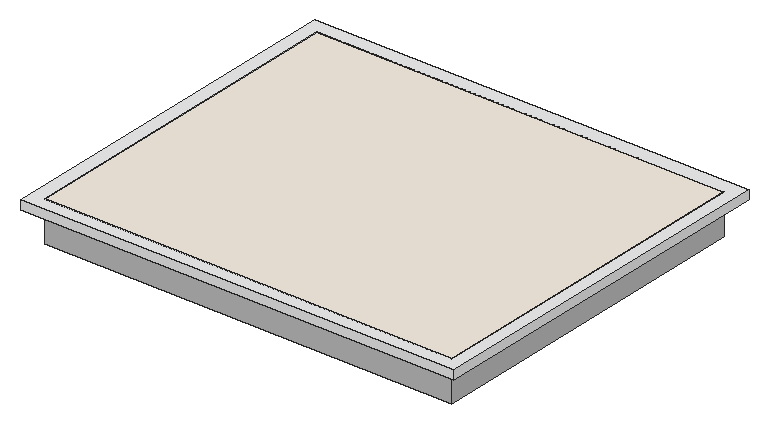
Revit family "Lighting-Industrial-GEWISS-ELIA-HL-LED_HIGHBAY", category Apparecchi per illuminazione, host Superficie, Revit 2019 (continued)
Types (12, lengths in mm): name | Weight (kg): | Weight (kg) | Voltage | Technical sheet | System power | Optic | built-in parameter 1150142 | Lumen output (lm) | Model | IDT | File diagramma fotometrico | Description
    13540.11 13494.38 \r\n13445.96 13390.82 13332.98 13269.77 13201.17 13127.20 \r\n13046.50 12959.07 12864.92 12761.36 12651.07 12531.36 \r\n12402.24 12263.71 12114.41 11957.05 11790.27 11615.42 \r\n11428.46 11232.09 11023.62 10801.69 10562.28 10298.66 \r\n10021.59 9747.21 9471.49 9193.07 8917.35 8647.00 8382.04 \r\n8118.42 7862.87 7616.73 7381.36 7156.74 6938.85 6727.69 \r\n6520.56 6317.46 6119.75 5935.48 5757.94 5585.78 5416.31 \r\n5246.85 5077.38 4917.32 4761.30 4609.31 4461.36 4316.10 \r\n4177.57 4040.38 3909.91 3783.49 3659.74 3537.35 3414.95 \r\n3295.25 3178.24 3057.18 2937.48 2823.15 2711.52 2602.31 \r\n2494.97 2388.99 2286.37 2188.72 2096.72 2011.85 1932.50 \r\n1858.79 1788.98 1722.27 1657.85 1595.04 1533.03 1469.55 \r\n1406.60 1345.40 1285.42 1226.24 1168.40 1112.58 1059.05 \r\n1008.88 960.87 913.39 867.39 823.01 781.31 744.59 710.03 \r\n675.86 642.24 607.00 572.30 540.82 510.29 480.03 450.98 \r\n423.54 397.72 374.58 353.33 333.16 313.38 292.40 271.42 \r\n250.95 231.00 211.57 192.95 175.58 159.14 143.54 128.62 \r\n114.16 100.22 86.62 73.72 61.79 50.71 40.31 30.83 22.30 \r\n15.17 9.94 6.44 4.68 4.67 \r\n13471.52 13472.86 13474.21 13478.24 13482.28 13487.66 \r\n13494.38 13502.45 13510.52 13519.94 13532.04 13542.80 \r\n13554.91 13568.36 13581.81 13596.60 13611.40 13627.54 \r\n13642.33 13658.47 13674.61 13690.75 13705.55 13721.69 \r\n13736.48 13749.93 13763.38 13774.14 13784.90 13794.32 \r\n13801.04 13806.42 13807.77 13809.11 13807.77 13803.73 \r\n13797.01 13788.94 13775.49 13759.35 13739.17 13714.96 \r\n13689.41 13657.13 13623.50 13585.84 13545.49 13499.76 \r\n13450.00 13397.54 13339.71 13276.49 13207.90 13135.27 \r\n13054.57 12968.49 12874.34 12772.12 12661.83 12543.47 \r\n12415.69 12277.16 12129.21 11973.19 11807.75 11634.25 \r\n11448.64 11252.27 11043.79 10823.21 10583.80 10318.84 \r\n10041.77 9764.70 9487.63 9209.21 8934.83 8665.83 8400.87 \r\n8133.21 7873.63 7626.15 7388.08 7159.43 6940.20 6727.69 \r\n6519.21 6314.77 6118.40 5934.14 5757.94 5585.78 5416.31 \r\n5245.50 5078.72 4917.32 4761.30 4609.31 4462.71 4318.80 \r\n4177.57 4041.72 3909.91 3784.83 3662.43 3538.70 3416.30 \r\n3296.59 3176.89 3057.18 2936.14 2821.81 2711.52 2601.77 \r\n2494.44 2388.05 2284.89 2186.70 2094.16 2008.49 1928.73 \r\n1854.49 1784.55 1717.70 1653.27 1590.46 1528.46 1465.24 \r\n1402.30 1340.96 1280.98 1221.93 1164.23 1108.28 1054.48 \r\n1004.58 956.70 909.62 864.03 819.64 777.81 740.96 706.66 \r\n672.90 639.28 604.17 569.74 538.27 508.14 478.28 449.36 \r\n422.06 396.51 373.24 351.58 331.41 311.64 290.79 269.94 \r\n249.97 230.41 211.15 192.60 175.24 158.82 143.30 128.46 \r\n114.04 100.14 86.60 73.77 61.88 50.77 40.34 30.80 22.28 \r\n15.15 9.93 6.44 4.69 4.67 \r\n13471.52 13472.86 13474.21 13478.24 13482.28 13486.31 \r\n13494.38 13501.11 13510.52 13521.28 13530.70 13541.46 \r\n13554.91 13567.01 13581.81 13595.26 13611.40 13626.19 \r\n13640.99 13657.13 13673.27 13688.06 13705.55 13720.34 \r\n13736.48 13749.93 13762.04 13774.14 13784.90 13792.97 \r\n13801.04 13806.42 13809.11 13809.11 13809.11 13805.08 \r\n13798.35 13788.94 13778.18 13762.04 13741.86 13719.00 \r\n13693.44 13661.16 13627.54 13591.22 13549.53 13505.14 \r\n13456.72 13404.27 13346.43 13284.56 13217.31 13143.34 \r\n13065.33 12977.90 12883.75 12782.88 12672.59 12555.57 \r\n12429.14 12291.95 12144.00 11990.67 11826.58 11653.08 \r\n11468.81 11273.79 11065.31 10846.08 10608.01 10343.05 \r\n10064.63 9786.22 9505.11 9226.70 8952.32 8684.66 8419.70 \r\n8149.35 7885.73 7635.56 7394.81 7163.47 6941.54 6726.34 \r\n6517.87 6313.43 6117.06 5934.14 5757.94 5585.78 5416.31 \r\n5245.50 5078.72 4917.32 4759.95 4609.31 4462.71 4320.14 \r\n4178.91 4041.72 3909.91 3784.83 3661.09 3538.70 3416.30 \r\n3296.59 3178.24 3055.84 2934.79 2820.46 2710.17 2600.15 \r\n2492.96 2386.30 2282.60 2184.01 2090.80 2004.45 1924.02 \r\n1849.51 1779.43 1712.45 1648.03 1585.35 1523.35 1460.27 \r\n1397.45 1336.26 1276.00 1217.22 1159.79 1103.57 1049.64 \r\n999.74 952.13 905.59 860.40 816.01 774.18 737.60 703.30 \r\n669.81 636.32 601.22 566.78 535.58 505.85 476.26 447.75 \r\n420.58 395.16 371.62 349.70 329.52 309.89 289.18 268.68 \r\n249.07 229.87 210.76 192.29 174.96 158.55 143.09 128.33 \r\n113.93 100.03 86.58 73.77 61.91 50.83 40.35 30.77 22.24 \r\n15.13 9.91 6.44 4.69 4.67 \r\n13471.52 13472.86 13475.55 13478.24 13482.28 13487.66 \r\n13493.04 13501.11 13510.52 13519.94 13530.70 13541.46 \r\n13553.56 13567.01 13580.46 13593.91 13610.05 13626.19 \r\n13640.99 13657.13 13673.27 13688.06 13704.20 13719.00 \r\n13733.79 13748.59 13760.69 13772.80 13783.56 13792.97 \r\n13801.04 13805.08 13809.11 13810.46 13810.46 13805.08 \r\n13799.70 13791.63 13780.87 13764.73 13745.90 13723.03 \r\n13696.13 13666.54 13634.26 13595.26 13556.25 13511.87 \r\n13464.79 13412.34 13355.85 13292.63 13225.38 13152.75 \r\n13074.74 12988.66 12894.51 12794.98 12687.38 12570.37 \r\n12443.94 12308.09 12162.83 12008.16 11845.41 11673.25 \r\n11490.33 11295.31 11089.52 10870.29 10633.57 10368.60 \r\n10090.19 9809.08 9526.63 9246.87 8971.15 8704.84 8437.18 \r\n8165.49 7899.18 7644.98 7401.53 7168.85 6944.23 6726.34 \r\n6517.87 6313.43 6118.40 5935.48 5757.94 5585.78 5414.97 \r\n5245.50 5078.72 4915.97 4759.95 4609.31 4462.71 4318.80 \r\n4178.91 4041.72 3908.57 3782.14 3659.74 3537.35 3414.95 \r\n3295.25 3175.54 3053.15 2932.10 2819.12 2707.08 2597.60 \r\n2490.40 2383.61 2279.78 2180.65 2086.77 1999.88 1918.91 \r\n1843.99 1773.79 1706.81 1642.51 1579.97 1518.10 1455.16 \r\n1392.75 1331.28 1271.02 1212.25 1155.09 1098.73 1044.66 \r\n994.90 947.42 901.28 856.63 812.38 770.68 734.10 699.94 \r\n666.45 633.23 598.12 564.09 532.89 503.43 474.25 446.00 \r\n419.10 393.68 370.14 348.09 327.78 308.27 287.83 267.56 \r\n248.26 229.36 210.41 192.01 174.72 158.32 142.91 128.18 \r\n113.80 99.91 86.48 73.76 61.92 50.84 40.32 30.72 22.19 \r\n15.09 9.90 6.44 4.69 4.66 \r\n13471.52 13472.86 13475.55 13478.24 13482.28 13487.66 \r\n13493.04 13501.11 13510.52 13519.94 13529.35 13540.11 \r\n13553.56 13567.01 13580.46 13593.91 13608.71 13624.85 \r\n13640.99 13655.78 13671.92 13686.72 13702.86 13717.65 \r\n13733.79 13748.59 13760.69 13772.80 13783.56 13794.32 \r\n13801.04 13806.42 13810.46 13811.80 13811.80 13809.11 \r\n13803.73 13794.32 13782.21 13768.76 13749.93 13728.41 \r\n13701.51 13671.92 13639.64 13603.33 13562.98 13519.94 \r\n13472.86 13421.75 13363.92 13303.39 13237.49 13166.20 \r\n13088.19 13002.11 12909.31 12811.12 12703.52 12587.85 \r\n12462.77 12326.92 12181.66 12029.68 11868.28 11696.12 \r\n11513.20 11319.52 11115.08 10897.19 10661.81 10399.54 \r\n10121.12 9837.33 9553.53 9271.08 8994.01 8722.32 8451.98 \r\n8178.94 7911.29 7657.08 7412.29 7176.92 6949.61 6733.07 \r\n6521.90 6318.81 6123.78 5939.52 5759.29 5584.44 5412.28 \r\n5242.81 5076.03 4913.28 4754.57 4605.28 4457.33 4313.41 \r\n4173.53 4035.00 3901.85 3775.41 3651.67 3527.93 3406.88 \r\n3285.84 3167.47 3046.42 2925.38 2811.05 2700.22 2591.81 \r\n2485.29 2379.57 2276.41 2176.88 2082.33 1994.90 1913.67 \r\n1838.75 1768.67 1701.96 1637.94 1575.94 1514.47 1451.79 \r\n1389.52 1328.32 1268.47 1209.56 1152.13 1095.91 1042.24 \r\n992.21 944.59 898.46 854.07 810.09 768.67 731.95 697.52 \r\n664.03 630.67 595.83 562.08 531.14 501.68 472.50 444.66 \r\n417.89 392.47 369.07 347.01 326.97 307.33 287.43 267.45 \r\n248.10 229.08 210.14 191.82 174.61 158.29 142.85 128.06 \r\n113.63 99.69 86.25 73.52 61.68 50.59 40.12 30.59 22.07 \r\n14.99 9.86 6.45 4.71 4.65 \r\n13471.52 13472.86 13475.55 13478.24 13482.28 13487.66 \r\n13493.04 13501.11 13509.18 13519.94 13529.35 13540.11 \r\n13553.56 13565.67 13579.12 13592.57 13608.71 13623.50 \r\n13639.64 13655.78 13671.92 13686.72 13701.51 13717.65 \r\n13732.45 13747.24 13760.69 13771.45 13782.21 13792.97 \r\n13801.04 13807.77 13811.80 13814.49 13813.15 13810.46 \r\n13805.08 13797.01 13786.25 13772.80 13753.97 13732.45 \r\n13706.89 13678.65 13646.37 13610.05 13571.05 13528.01 \r\n13480.93 13429.82 13374.68 13314.15 13248.25 13178.31 \r\n13100.30 13016.91 12925.45 12827.26 12721.01 12605.34 \r\n12481.60 12347.10 12204.53 12051.20 11889.80 11717.64 \r\n11537.41 11343.73 11140.63 10925.43 10692.75 10431.82 \r\n10154.75 9869.61 9581.78 9297.98 9015.53 8739.81 8466.77 \r\n8192.39 7924.74 7670.53 7423.05 7184.99 6956.34 6738.45 \r\n6528.63 6325.53 6130.51 5943.55 5761.98 5584.44 5409.59 \r\n5240.12 5071.99 4909.25 4751.89 4599.90 4451.95 4306.69 \r\n4165.46 4028.27 3895.12 3766.00 3642.26 3518.52 3397.47 \r\n3276.42 3158.06 3038.36 2918.65 2802.98 2693.50 2584.96 \r\n2479.24 2374.73 2272.38 2172.58 2077.49 1989.79 1908.29 \r\n1833.50 1763.43 1697.12 1633.50 1571.77 1510.70 1448.30 \r\n1386.29 1325.63 1266.05 1206.87 1149.17 1093.48 1040.09 \r\n989.79 941.77 895.77 851.52 808.08 766.92 729.93 695.23 \r\n661.47 628.12 593.68 560.06 529.26 499.94 471.02 443.18 \r\n416.68 391.53 368.13 346.20 326.03 306.66 287.02 267.51 \r\n248.03 228.81 209.89 191.64 174.53 158.27 142.79 127.92 \r\n113.44 99.46 86.00 73.22 61.37 50.30 39.89 30.41 21.94 \r\n14.89 9.82 6.46 4.72 4.65 \r\n13471.52 13472.86 13475.55 13478.24 13482.28 13487.66 \r\n13493.04 13501.11 13509.18 13518.59 13529.35 13540.11 \r\n13552.22 13565.67 13579.12 13592.57 13607.36 13623.50 \r\n13639.64 13654.44 13670.58 13685.37 13701.51 13716.31 \r\n13731.10 13745.90 13759.35 13771.45 13782.21 13792.97 \r\n13801.04 13807.77 13814.49 13815.84 13815.84 13813.15 \r\n13809.11 13801.04 13790.28 13774.14 13758.00 13736.48 \r\n13710.93 13684.03 13653.09 13618.12 13579.12 13536.08 \r\n13491.69 13440.58 13385.44 13326.26 13261.70 13191.76 \r\n13113.75 13031.70 12941.59 12844.75 12738.49 12625.51 \r\n12501.77 12368.62 12226.05 12075.41 11914.01 11741.85 \r\n11560.27 11370.63 11168.88 10955.02 10722.34 10465.44 \r\n10189.72 9903.23 9611.37 9324.88 9039.74 8758.64 8480.22 \r\n8207.19 7939.53 7683.98 7436.50 7195.75 6963.06 6745.17 \r\n6536.70 6333.60 6137.23 5948.93 5763.32 5584.44 5408.24 \r\n5236.09 5069.30 4905.21 4746.50 4593.18 4445.22 4299.96 \r\n4158.74 4021.55 3887.05 3756.59 3631.50 3507.76 3385.36 \r\n3267.01 3148.64 3027.59 2910.58 2796.26 2685.29 2577.83 \r\n2472.78 2369.35 2267.94 2168.01 2072.38 1984.41 1902.77 \r\n1827.99 1758.18 1692.14 1628.93 1567.60 1507.07 1444.93 \r\n1383.06 1322.94 1263.63 1204.31 1146.48 1090.93 1037.94 \r\n987.36 939.21 893.21 849.10 806.06 765.30 728.18 693.21 \r\n659.18 625.69 591.53 558.31 527.64 498.32 469.54 441.70 \r\n415.34 390.45 367.19 345.40 325.22 306.12 286.89 267.64 \r\n248.02 228.56 209.65 191.49 174.47 158.28 142.73 127.77 \r\n113.22 99.21 85.72 72.91 61.05 49.98 39.65 30.25 21.80 \r\n14.79 9.78 6.47 4.75 4.64 \r\n13471.52 13472.86 13475.55 13478.24 13482.28 13487.66 \r\n13493.04 13501.11 13509.18 13518.59 13529.35 13540.11 \r\n13552.22 13565.67 13579.12 13592.57 13606.02 13623.50 \r\n13638.30 13654.44 13670.58 13685.37 13700.17 13716.31 \r\n13731.10 13744.55 13759.35 13770.11 13782.21 13792.97 \r\n13801.04 13809.11 13814.49 13818.53 13818.53 13815.84 \r\n13810.46 13802.39 13791.63 13778.18 13762.04 13741.86 \r\n13717.65 13690.75 13658.47 13624.85 13587.19 13545.49 \r\n13499.76 13451.34 13396.20 13337.02 13273.80 13203.86 \r\n13128.54 13046.50 12957.73 12860.89 12757.32 12644.34 \r\n12521.95 12391.48 12248.91 12099.62 11938.22 11767.40 \r\n11587.17 11396.18 11194.43 10983.27 10754.62 10499.07 \r\n10224.69 9936.86 9642.30 9353.13 9065.30 8777.47 8497.71 \r\n8221.98 7954.33 7697.43 7447.26 7205.16 6971.13 6753.24 \r\n6543.42 6341.67 6146.65 5954.31 5766.01 5583.10 5405.55 \r\n5233.40 5065.27 4901.18 4741.13 4587.80 4438.50 4291.90 \r\n4150.67 4013.48 3878.98 3748.51 3620.74 3495.65 3374.61 \r\n3256.24 3137.88 3019.52 2901.16 2788.18 2677.22 2570.29 \r\n2465.92 2363.70 2263.10 2163.03 2067.13 1979.03 1897.39 \r\n1822.61 1752.94 1687.17 1624.49 1563.56 1503.44 1441.57 \r\n1379.84 1320.25 1261.21 1201.76 1143.52 1088.51 1035.92 \r\n985.21 936.66 890.66 846.54 804.04 763.83 726.57 691.20 \r\n656.90 623.41 589.51 556.70 526.03 496.84 468.06 440.22 \r\n414.13 389.51 366.38 344.72 324.68 305.58 286.75 267.83 \r\n247.99 228.26 209.39 191.31 174.42 158.28 142.68 127.63 \r\n113.02 98.95 85.42 72.59 60.70 49.66 39.38 30.07 21.67 \r\n14.70 9.75 6.49 4.77 4.63 \r\n13471.52 13472.86 13475.55 13478.24 13482.28 13487.66 \r\n13493.04 13501.11 13509.18 13518.59 13529.35 13540.11 \r\n13552.22 13565.67 13579.12 13592.57 13606.02 13620.81 \r\n13638.30 13654.44 13669.23 13685.37 13700.17 13714.96 \r\n13729.76 13744.55 13758.00 13770.11 13782.21 13792.97 \r\n13801.04 13810.46 13815.84 13819.87 13819.87 13818.53 \r\n13813.15 13806.42 13795.66 13782.21 13764.73 13745.90 \r\n13723.03 13696.13 13665.20 13632.92 13595.26 13553.56 \r\n13510.52 13459.41 13406.96 13350.47 13285.91 13217.31 \r\n13141.99 13062.64 12975.21 12879.72 12776.15 12664.52 \r\n12542.12 12413.00 12271.78 12122.48 11962.43 11791.61 \r\n11611.38 11423.08 11224.02 11012.86 10785.55 10532.69 \r\n10261.00 9971.83 9674.58 9381.37 9089.51 8798.99 8512.50 \r\n8236.78 7969.12 7710.88 7460.71 7214.58 6979.20 6761.31 \r\n6552.84 6349.74 6153.38 5958.35 5768.70 5583.10 5404.21 \r\n5230.70 5061.23 4897.15 4735.74 4581.07 4430.43 4283.82 \r\n4141.25 4005.41 3870.91 3737.75 3608.63 3484.89 3363.84 \r\n3244.14 3128.47 3010.11 2893.09 2780.11 2669.56 2562.76 \r\n2458.93 2357.65 2257.99 2157.92 2062.02 1973.79 1892.01 \r\n1817.36 1747.96 1682.46 1619.92 1559.53 1499.67 1438.07 \r\n1376.74 1317.29 1258.65 1198.93 1140.56 1086.09 1034.04 \r\n983.06 934.24 888.10 844.26 802.29 762.35 725.09 689.31 \r\n654.75 621.26 587.63 555.22 524.82 495.50 466.72 439.01 \r\n413.05 388.57 365.57 344.05 324.01 305.05 286.62 267.95 \r\n247.92 227.94 209.09 191.14 174.33 158.25 142.58 127.44 \r\n112.79 98.68 85.11 72.27 60.35 49.33 39.14 29.91 21.56 \r\n14.61 9.73 6.52 4.80 4.63 \r\n13471.52 13472.86 13475.55 13478.24 13482.28 13487.66 \r\n13493.04 13501.11 13509.18 13518.59 13528.01 13538.77 \r\n13552.22 13564.32 13577.77 13591.22 13604.67 13620.81 \r\n13635.61 13653.09 13669.23 13684.03 13698.82 13714.96 \r\n13728.41 13743.21 13756.66 13770.11 13780.87 13792.97 \r\n13802.39 13810.46 13817.18 13819.87 13822.56 13821.22 \r\n13815.84 13809.11 13798.35 13784.90 13770.11 13751.28 \r\n13727.07 13701.51 13671.92 13639.64 13601.98 13561.63 \r\n13518.59 13470.17 13417.72 13361.23 13299.36 13230.76 \r\n13156.79 13077.43 12991.35 12897.20 12794.98 12684.69 \r\n12563.64 12434.52 12295.99 12145.35 11986.64 11815.82 \r\n11636.94 11449.98 11250.92 11041.10 10817.83 10566.32 \r\n10297.32 10006.80 9708.21 9410.96 9115.06 8820.51 8531.33 \r\n8254.26 7986.61 7725.68 7472.82 7225.34 6988.62 6769.38 \r\n6560.91 6357.81 6160.10 5963.73 5772.74 5584.44 5402.86 \r\n5226.67 5057.20 4891.76 4731.71 4575.69 4422.36 4275.75 \r\n4133.18 3995.99 3862.84 3728.34 3599.22 3474.13 3351.74 \r\n3234.72 3119.05 3002.04 2886.37 2773.39 2662.43 2555.63 \r\n2452.07 2351.33 2252.47 2152.81 2056.64 1968.54 1886.90 \r\n1812.39 1743.12 1677.75 1615.48 1555.36 1495.91 1434.44 \r\n1373.24 1314.33 1255.96 1196.11 1137.74 1083.94 1032.29 \r\n981.18 931.82 885.68 841.84 800.41 761.14 723.48 687.56 \r\n652.86 619.10 585.88 553.74 523.47 494.42 465.37 437.66 \r\n411.84 387.76 364.90 343.51 323.61 304.78 286.49 268.05 \r\n247.76 227.55 208.77 190.95 174.22 158.19 142.48 127.24 \r\n112.55 98.43 84.82 71.97 60.04 49.03 38.91 29.76 21.46 \r\n14.55 9.72 6.55 4.83 4.63 \r\n13471.52 13472.86 13475.55 13478.24 13482.28 13487.66 \r\n13493.04 13501.11 13509.18 13518.59 13528.01 13538.77 \r\n13550.87 13562.98 13577.77 13591.22 13604.67 13619.47 \r\n13635.61 13651.75 13667.89 13682.68 13698.82 13713.62 \r\n13727.07 13741.86 13755.31 13768.76 13780.87 13791.63 \r\n13802.39 13810.46 13817.18 13821.22 13822.56 13822.56 \r\n13818.53 13811.80 13801.04 13788.94 13772.80 13753.97 \r\n13732.45 13706.89 13678.65 13646.37 13610.05 13571.05 \r\n13526.66 13478.24 13425.79 13370.64 13308.77 13241.52 \r\n13168.89 13090.88 13006.15 12913.34 12811.12 12702.18 \r\n12582.47 12454.70 12317.51 12168.21 12009.50 11841.38 \r\n11661.15 11475.54 11277.82 11070.69 10846.08 10598.60 \r\n10329.60 10039.08 9737.80 9440.55 9144.65 8848.75 8555.54 \r\n8274.44 8002.75 7740.47 7486.27 7236.10 6996.69 6774.76 \r\n6564.94 6361.85 6164.14 5969.11 5778.12 5588.47 5404.21 \r\n5225.32 5054.51 4889.07 4727.68 4570.31 4416.98 4269.03 \r\n4125.11 3987.92 3854.77 3721.61 3591.15 3466.06 3345.01 \r\n3229.34 3112.33 2998.01 2882.34 2769.36 2658.53 2550.79 \r\n2445.88 2344.60 2245.48 2146.62 2051.80 1964.24 1882.60 \r\n1808.08 1738.82 1673.45 1611.18 1550.78 1491.34 1430.00 \r\n1369.08 1310.30 1251.93 1192.21 1134.10 1080.98 1030.14 \r\n978.76 929.26 882.86 839.01 798.26 759.39 722.13 686.08 \r\n651.11 617.35 584.40 552.79 522.67 493.48 464.16
